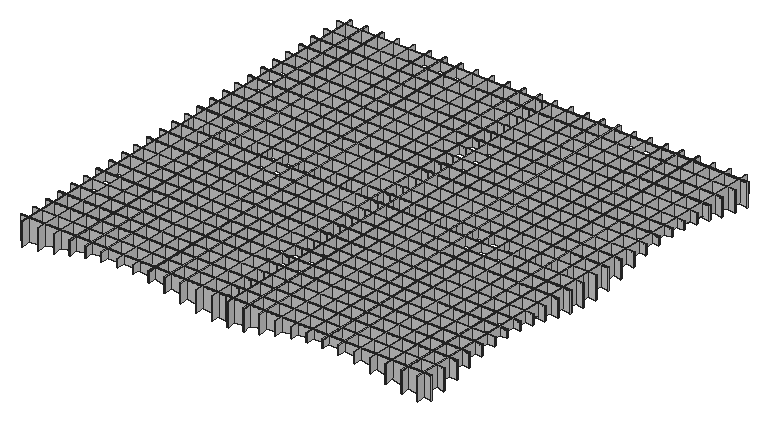
Revit family "CLD-WFL-002_RFA", category Modelos genéricos, Revit 2022 (continued)
Forms (in)
  Extrusion 394, solid
    sketch origin (108, 169.95467, 0) x (1, 0, 0) y (0, 0, 1)
      loop
        spline (62.54522, 0.49405) -> (63.20286, 0.55285) -> (63.85981, 0.61666) -> (64.51602, 0.68555) -> (65.17144, 0.75961) -> (65.82603, 0.83894) -> (66.47973, 0.92362) -> (67.1325, 1.01374) -> (67.78428, 1.10938) -> (68.43505, 1.21052) -> (69.08486, 1.31692) -> (69.73376, 1.42831) -> (70.38178, 1.54441)
        spline (70.38178, 1.54441) -> (71.11719, 1.68452) -> (71.85174, 1.82919) -> (72.58551, 1.97812) -> (73.31855, 2.13097) -> (74.05091, 2.28743) -> (74.78265, 2.44718) -> (75.51383, 2.60988) -> (76.24449, 2.77524) -> (76.97471, 2.94291) -> (77.70453, 3.11258) -> (78.43402, 3.28394) -> (79.16322, 3.45665)
        spline (79.16322, 3.45665) -> (79.81589, 3.61318) -> (80.46845, 3.77015) -> (81.12094, 3.92726) -> (81.77342, 4.08422) -> (82.42595, 4.24075) -> (83.07858, 4.39655) -> (83.73137, 4.55134) -> (84.38439, 4.70482) -> (85.03768, 4.85671) -> (85.6913, 5.00672) -> (86.34531, 5.15455) -> (86.99978, 5.29992)
        spline (86.99978, 5.29992) -> (87.72678, 5.4553) -> (88.45445, 5.60712) -> (89.18284, 5.75506) -> (89.91202, 5.8988) -> (90.64204, 6.03803) -> (91.37299, 6.17243) -> (92.1049, 6.3017) -> (92.83786, 6.42551) -> (93.57191, 6.54354) -> (94.30712, 6.6555) -> (95.04356, 6.76106) -> (95.78122, 6.8601)
        spline (95.78122, 6.8601) -> (96.43065, 6.93786) -> (97.08095, 7.01021) -> (97.73207, 7.07724) -> (98.38393, 7.13903) -> (99.03648, 7.19567) -> (99.68963, 7.24723) -> (100.34334, 7.29382) -> (100.99753, 7.33551) -> (101.65213, 7.37238) -> (102.30709, 7.40452) -> (102.96233, 7.43202) -> (103.61778, 7.45496)
        spline (103.61778, 7.45496) -> (103.98301, 7.46494) -> (104.34826, 7.47372) -> (104.71353, 7.4813) -> (105.0788, 7.48768) -> (105.44406, 7.4929) -> (105.80931, 7.49695) -> (106.17454, 7.49984) -> (106.53973, 7.5016) -> (106.90488, 7.50223) -> (107.26998, 7.50173) -> (107.63503, 7.50014) -> (108, 7.49745)
        line (108, 7.49745) -> (108, 11.82144)
    from -0.11811 to 0
  Extrusion 395, solid
    sketch origin (108, 170.07278, 0) x (1, 0, 0) y (0, 0, 1)
      loop
        line (108, 11.82144) -> (0, 11.82144) -> (0, 7.49745)
        spline (0, 7.49745) -> (0.32561, 7.50061) -> (0.65129, 7.5028) -> (0.97702, 7.504) -> (1.3028, 7.50421) -> (1.62862, 7.5034) -> (1.95447, 7.50158) -> (2.28035, 7.49874) -> (2.60624, 7.49485) -> (2.93213, 7.48991) -> (3.25803, 7.48392) -> (3.58391, 7.47685) -> (3.90978, 7.46871)
        spline (3.90978, 7.46871) -> (4.64427, 7.44283) -> (5.37852, 7.41184) -> (6.11245, 7.37564) -> (6.84598, 7.33415) -> (7.57905, 7.28726) -> (8.31158, 7.23488) -> (9.04349, 7.17692) -> (9.77471, 7.11327) -> (10.50517, 7.04386) -> (11.23479, 6.96857) -> (11.9635, 6.88732) -> (12.69122, 6.80001)
        spline (12.69122, 6.80001) -> (13.34456, 6.71191) -> (13.99682, 6.61804) -> (14.64799, 6.5185) -> (15.29813, 6.41358) -> (15.94729, 6.30354) -> (16.59553, 6.18867) -> (17.2429, 6.06925) -> (17.88946, 5.94556) -> (18.53527, 5.81787) -> (19.18038, 5.68647) -> (19.82484, 5.55162) -> (20.46871, 5.41362)
        spline (20.46871, 5.41362) -> (21.20701, 5.25043) -> (21.94481, 5.08446) -> (22.68216, 4.91603) -> (23.41914, 4.74548) -> (24.15581, 4.57314) -> (24.89224, 4.39932) -> (25.62848, 4.22436) -> (26.36461, 4.04857) -> (27.10068, 3.8723) -> (27.83677, 3.69586) -> (28.57293, 3.51959) -> (29.30922, 3.3438)
        spline (29.30922, 3.3438) -> (29.95995, 3.18922) -> (30.61094, 3.03586) -> (31.26223, 2.884) -> (31.91387, 2.73392) -> (32.56591, 2.58591) -> (33.21841, 2.44027) -> (33.87141, 2.29726) -> (34.52497, 2.15719) -> (35.17914, 2.02034) -> (35.83396, 1.88699) -> (36.48949, 1.75744) -> (37.14578, 1.63196)
        spline (37.14578, 1.63196) -> (37.87194, 1.50186) -> (38.59907, 1.37703) -> (39.32723, 1.25779) -> (40.05647, 1.14445) -> (40.78684, 1.03728) -> (41.51831, 0.93629) -> (42.25083, 0.84139) -> (42.98434, 0.75249) -> (43.71879, 0.66948) -> (44.45413, 0.59228) -> (45.19029, 0.52078) -> (45.92722, 0.45488)
        spline (45.92722, 0.45488) -> (46.57816, 0.40504) -> (47.22964, 0.35985) -> (47.88162, 0.31924) -> (48.53404, 0.28312) -> (49.18687, 0.2514) -> (49.84004, 0.224) -> (50.49352, 0.20084) -> (51.14725, 0.18183) -> (51.80119, 0.1669) -> (52.45529, 0.15595) -> (53.1095, 0.14891) -> (53.76378, 0.14568)
        spline (53.76378, 0.14568) -> (54.49695, 0.14945) -> (55.23005, 0.1575) -> (55.96302, 0.16993) -> (56.69581, 0.18682) -> (57.42837, 0.20828) -> (58.16064, 0.23439) -> (58.89257, 0.26525) -> (59.6241, 0.30095) -> (60.35518, 0.34158) -> (61.08577, 0.38725) -> (61.8158, 0.43804) -> (62.54522, 0.49405)
        spline (62.54522, 0.49405) -> (63.20286, 0.55285) -> (63.85981, 0.61666) -> (64.51602, 0.68555) -> (65.17144, 0.75961) -> (65.82603, 0.83894) -> (66.47973, 0.92362) -> (67.1325, 1.01374) -> (67.78428, 1.10938) -> (68.43505, 1.21052) -> (69.08486, 1.31692) -> (69.73376, 1.42831) -> (70.38178, 1.54441)
        spline (70.38178, 1.54441) -> (71.11719, 1.68452) -> (71.85174, 1.82919) -> (72.58551, 1.97812) -> (73.31855, 2.13097) -> (74.05091, 2.28743) -> (74.78265, 2.44718) -> (75.51383, 2.60988) -> (76.24449, 2.77524) -> (76.97471, 2.94291) -> (77.70453, 3.11258) -> (78.43402, 3.28394) -> (79.16322, 3.45665)
        spline (79.16322, 3.45665) -> (79.81589, 3.61318) -> (80.46845, 3.77015) -> (81.12094, 3.92726) -> (81.77342, 4.08422) -> (82.42595, 4.24075) -> (83.07858, 4.39655) -> (83.73137, 4.55134) -> (84.38439, 4.70482) -> (85.03768, 4.85671) -> (85.6913, 5.00672) -> (86.34531, 5.15455) -> (86.99978, 5.29992)
        spline (86.99978, 5.29992) -> (87.72678, 5.4553) -> (88.45445, 5.60712) -> (89.18284, 5.75506) -> (89.91202, 5.8988) -> (90.64204, 6.03803) -> (91.37299, 6.17243) -> (92.1049, 6.3017) -> (92.83786, 6.42551) -> (93.57191, 6.54354) -> (94.30712, 6.6555) -> (95.04356, 6.76106) -> (95.78122, 6.8601)
        spline (95.78122, 6.8601) -> (96.43065, 6.93786) -> (97.08095, 7.01021) -> (97.73207, 7.07724) -> (98.38393, 7.13903) -> (99.03648, 7.19567) -> (99.68963, 7.24723) -> (100.34334, 7.29382) -> (100.99753, 7.33551) -> (101.65213, 7.37238) -> (102.30709, 7.40452) -> (102.96233, 7.43202) -> (103.61778, 7.45496)
        spline (103.61778, 7.45496) -> (103.98301, 7.46494) -> (104.34826, 7.47372) -> (104.71353, 7.4813) -> (105.0788, 7.48768) -> (105.44406, 7.4929) -> (105.80931, 7.49695) -> (106.17454, 7.49984) -> (106.53973, 7.5016) -> (106.90488, 7.50223) -> (107.26998, 7.50173) -> (107.63503, 7.50014) -> (108, 7.49745)
        line (108, 7.49745) -> (108, 11.82144)
    from -0.47244 to 0
  Extrusion 396, solid
    sketch origin (108, 170.54522, 0) x (1, 0, 0) y (0, 0, 1)
      loop
        line (108, 11.82144) -> (0, 11.82144) -> (0, 7.49745)
        spline (0, 7.49745) -> (0.32561, 7.50061) -> (0.65129, 7.5028) -> (0.97702, 7.504) -> (1.3028, 7.50421) -> (1.62862, 7.5034) -> (1.95447, 7.50158) -> (2.28035, 7.49874) -> (2.60624, 7.49485) -> (2.93213, 7.48991) -> (3.25803, 7.48392) -> (3.58391, 7.47685) -> (3.90978, 7.46871)
        spline (3.90978, 7.46871) -> (4.64427, 7.44283) -> (5.37852, 7.41184) -> (6.11245, 7.37564) -> (6.84598, 7.33415) -> (7.57905, 7.28726) -> (8.31158, 7.23488) -> (9.04349, 7.17692) -> (9.77471, 7.11327) -> (10.50517, 7.04386) -> (11.23479, 6.96857) -> (11.9635, 6.88732) -> (12.69122, 6.80001)
        spline (12.69122, 6.80001) -> (13.34456, 6.71191) -> (13.99682, 6.61804) -> (14.64799, 6.5185) -> (15.29813, 6.41358) -> (15.94729, 6.30354) -> (16.59553, 6.18867) -> (17.2429, 6.06925) -> (17.88946, 5.94556) -> (18.53527, 5.81787) -> (19.18038, 5.68647) -> (19.82484, 5.55162) -> (20.46871, 5.41362)
        spline (20.46871, 5.41362) -> (21.20701, 5.25043) -> (21.94481, 5.08446) -> (22.68216, 4.91603) -> (23.41914, 4.74548) -> (24.15581, 4.57314) -> (24.89224, 4.39932) -> (25.62848, 4.22436) -> (26.36461, 4.04857) -> (27.10068, 3.8723) -> (27.83677, 3.69586) -> (28.57293, 3.51959) -> (29.30922, 3.3438)
        spline (29.30922, 3.3438) -> (29.95995, 3.18922) -> (30.61094, 3.03586) -> (31.26223, 2.884) -> (31.91387, 2.73392) -> (32.56591, 2.58591) -> (33.21841, 2.44027) -> (33.87141, 2.29726) -> (34.52497, 2.15719) -> (35.17914, 2.02034) -> (35.83396, 1.88699) -> (36.48949, 1.75744) -> (37.14578, 1.63196)
        spline (37.14578, 1.63196) -> (37.87194, 1.50186) -> (38.59907, 1.37703) -> (39.32723, 1.25779) -> (40.05647, 1.14445) -> (40.78684, 1.03728) -> (41.51831, 0.93629) -> (42.25083, 0.84139) -> (42.98434, 0.75249) -> (43.71879, 0.66948) -> (44.45413, 0.59228) -> (45.19029, 0.52078) -> (45.92722, 0.45488)
        spline (45.92722, 0.45488) -> (46.57816, 0.40504) -> (47.22964, 0.35985) -> (47.88162, 0.31924) -> (48.53404, 0.28312) -> (49.18687, 0.2514) -> (49.84004, 0.224) -> (50.49352, 0.20084) -> (51.14725, 0.18183) -> (51.80119, 0.1669) -> (52.45529, 0.15595) -> (53.1095, 0.14891) -> (53.76378, 0.14568)
        spline (53.76378, 0.14568) -> (54.49695, 0.14945) -> (55.23005, 0.1575) -> (55.96302, 0.16993) -> (56.69581, 0.18682) -> (57.42837, 0.20828) -> (58.16064, 0.23439) -> (58.89257, 0.26525) -> (59.6241, 0.30095) -> (60.35518, 0.34158) -> (61.08577, 0.38725) -> (61.8158, 0.43804) -> (62.54522, 0.49405)
        spline (62.54522, 0.49405) -> (63.20286, 0.55285) -> (63.85981, 0.61666) -> (64.51602, 0.68555) -> (65.17144, 0.75961) -> (65.82603, 0.83894) -> (66.47973, 0.92362) -> (67.1325, 1.01374) -> (67.78428, 1.10938) -> (68.43505, 1.21052) -> (69.08486, 1.31692) -> (69.73376, 1.42831) -> (70.38178, 1.54441)
        spline (70.38178, 1.54441) -> (71.11719, 1.68452) -> (71.85174, 1.82919) -> (72.58551, 1.97812) -> (73.31855, 2.13097) -> (74.05091, 2.28743) -> (74.78265, 2.44718) -> (75.51383, 2.60988) -> (76.24449, 2.77524) -> (76.97471, 2.94291) -> (77.70453, 3.11258) -> (78.43402, 3.28394) -> (79.16322, 3.45665)
        spline (79.16322, 3.45665) -> (79.81589, 3.61318) -> (80.46845, 3.77015) -> (81.12094, 3.92726) -> (81.77342, 4.08422) -> (82.42595, 4.24075) -> (83.07858, 4.39655) -> (83.73137, 4.55134) -> (84.38439, 4.70482) -> (85.03768, 4.85671) -> (85.6913, 5.00672) -> (86.34531, 5.15455) -> (86.99978, 5.29992)
        spline (86.99978, 5.29992) -> (87.72678, 5.4553) -> (88.45445, 5.60712) -> (89.18284, 5.75506) -> (89.91202, 5.8988) -> (90.64204, 6.03803) -> (91.37299, 6.17243) -> (92.1049, 6.3017) -> (92.83786, 6.42551) -> (93.57191, 6.54354) -> (94.30712, 6.6555) -> (95.04356, 6.76106) -> (95.78122, 6.8601)
        spline (95.78122, 6.8601) -> (96.43065, 6.93786) -> (97.08095, 7.01021) -> (97.73207, 7.07724) -> (98.38393, 7.13903) -> (99.03648, 7.19567) -> (99.68963, 7.24723) -> (100.34334, 7.29382) -> (100.99753, 7.33551) -> (101.65213, 7.37238) -> (102.30709, 7.40452) -> (102.96233, 7.43202) -> (103.61778, 7.45496)
        spline (103.61778, 7.45496) -> (103.98301, 7.46494) -> (104.34826, 7.47372) -> (104.71353, 7.4813) -> (105.0788, 7.48768) -> (105.44406, 7.4929) -> (105.80931, 7.49695) -> (106.17454, 7.49984) -> (106.53973, 7.5016) -> (106.90488, 7.50223) -> (107.26998, 7.50173) -> (107.63503, 7.50014) -> (108, 7.49745)
        line (108, 7.49745) -> (108, 11.82144)
    from -0.11811 to 0
  Extrusion 397, solid
    sketch origin (108, 178.26367, 0) x (1, 0, 0) y (0, 0, 1)
      loop
        line (108, 11.82144) -> (0, 11.82144) -> (0, 6.40455)
        spline (0, 6.40455) -> (0.32561, 6.42139) -> (0.65129, 6.43729) -> (0.97702, 6.45226) -> (1.3028, 6.46628) -> (1.62862, 6.47935) -> (1.95447, 6.49146) -> (2.28035, 6.50259) -> (2.60624, 6.51274) -> (2.93213, 6.52189) -> (3.25803, 6.53005) -> (3.58391, 6.5372) -> (3.90978, 6.54334)
        spline (3.90978, 6.54334) -> (4.64427, 6.55011) -> (5.37852, 6.55208) -> (6.11244, 6.54917) -> (6.84598, 6.5413) -> (7.57905, 6.52839) -> (8.31157, 6.51035) -> (9.04349, 6.4871) -> (9.77471, 6.45856) -> (10.50517, 6.42465) -> (11.23479, 6.38528) -> (11.9635, 6.34038) -> (12.69122, 6.28985)
        spline (12.69122, 6.28985) -> (13.34952, 6.23514) -> (14.00673, 6.17505) -> (14.66285, 6.10968) -> (15.31792, 6.03926) -> (15.97202, 5.96405) -> (16.62518, 5.88427) -> (17.27747, 5.80017) -> (17.92894, 5.712) -> (18.57965, 5.62) -> (19.22966, 5.52441) -> (19.87902, 5.42547) -> (20.52778, 5.32343)
        spline (20.52778, 5.32343) -> (21.26115, 5.20293) -> (21.99402, 5.07965) -> (22.72645, 4.95385) -> (23.4585, 4.82583) -> (24.19025, 4.69586) -> (24.92176, 4.56423) -> (25.65308, 4.43121) -> (26.38429, 4.29709) -> (27.11544, 4.16214) -> (27.84661, 4.02665) -> (28.57785, 3.8909) -> (29.30922, 3.75516)
        spline (29.30922, 3.75516) -> (29.95995, 3.63466) -> (30.61094, 3.51485) -> (31.26223, 3.39599) -> (31.91387, 3.2783) -> (32.56591, 3.16206) -> (33.21841, 3.04749) -> (33.87141, 2.93486) -> (34.52497, 2.8244) -> (35.17914, 2.71637) -> (35.83396, 2.61101) -> (36.48949, 2.50857) -> (37.14578, 2.4093)
        spline (37.14578, 2.4093) -> (37.87194, 2.30632) -> (38.59907, 2.20751) -> (39.32723, 2.11315) -> (40.05647, 2.02349) -> (40.78684, 1.93878) -> (41.51831, 1.85902) -> (42.25083, 1.78415) -> (42.98434, 1.71406) -> (43.71879, 1.64869) -> (44.45413, 1.58794) -> (45.19029, 1.53174) -> (45.92722, 1.47999)
        spline (45.92722, 1.47999) -> (46.57816, 1.44092) -> (47.22964, 1.40553) -> (47.88162, 1.37376) -> (48.53404, 1.34552) -> (49.18687, 1.32076) -> (49.84004, 1.2994) -> (50.49352, 1.28136) -> (51.14725, 1.26658) -> (51.80119, 1.25497) -> (52.45529, 1.24648) -> (53.1095, 1.24101) -> (53.76378, 1.23852)
        spline (53.76378, 1.23852) -> (54.49695, 1.24145) -> (55.23005, 1.2477) -> (55.96302, 1.25736) -> (56.69581, 1.2705) -> (57.42836, 1.2872) -> (58.16063, 1.30755) -> (58.89256, 1.33163) -> (59.62409, 1.35951) -> (60.35518, 1.39128) -> (61.08577, 1.42702) -> (61.8158, 1.46681) -> (62.54522, 1.51073)
        spline (62.54522, 1.51073) -> (63.20286, 1.5569) -> (63.85981, 1.60706) -> (64.51602, 1.66127) -> (65.17144, 1.7196) -> (65.82603, 1.78214) -> (66.47973, 1.84896) -> (67.1325, 1.92013) -> (67.78428, 1.99572) -> (68.43505, 2.07573) -> (69.08486, 2.15994) -> (69.73376, 2.24811) -> (70.38178, 2.34001)
        spline (70.38178, 2.34001) -> (71.11719, 2.45082) -> (71.85175, 2.56518) -> (72.58552, 2.6828) -> (73.31856, 2.80343) -> (74.05092, 2.92677) -> (74.78266, 3.05256) -> (75.51384, 3.1805) -> (76.2445, 3.31033) -> (76.97472, 3.44177) -> (77.70454, 3.57454) -> (78.43402, 3.70836) -> (79.16322, 3.84296)
        spline (79.16322, 3.84296) -> (79.81589, 3.96449) -> (80.46845, 4.08604) -> (81.12094, 4.20735) -> (81.77342, 4.32817) -> (82.42595, 4.44826) -> (83.07858, 4.56736) -> (83.73137, 4.68523) -> (84.38439, 4.80161) -> (85.03768, 4.91625) -> (85.6913, 5.02891) -> (86.34531, 5.13933) -> (86.99978, 5.24726)
        spline (86.99978, 5.24726) -> (87.72678, 5.36123) -> (88.45444, 5.47173) -> (89.18283, 5.57848) -> (89.91201, 5.68121) -> (90.64203, 5.77964) -> (91.37298, 5.87351) -> (92.10489, 5.96254) -> (92.83785, 6.04646) -> (93.5719, 6.125) -> (94.30712, 6.19789) -> (95.04356, 6.26486) -> (95.78122, 6.32579)
        spline (95.78122, 6.32579) -> (96.46987, 6.37175) -> (97.15943, 6.41238) -> (97.84985, 6.44778) -> (98.54104, 6.47801) -> (99.23294, 6.50316) -> (99.92548, 6.5233) -> (100.61859, 6.53851) -> (101.3122, 6.54886) -> (102.00624, 6.55445) -> (102.70063, 6.55534) -> (103.39532, 6.55161) -> (104.09022, 6.54334)
        spline (104.09022, 6.54334) -> (104.41609, 6.5372) -> (104.74197, 6.53005) -> (105.06787, 6.52189) -> (105.39376, 6.51274) -> (105.71965, 6.50259) -> (106.04553, 6.49146) -> (106.37138, 6.47935) -> (106.6972, 6.46628) -> (107.02298, 6.45226) -> (107.34871, 6.43729) -> (107.67439, 6.42139) -> (108, 6.40455)
        line (108, 6.40455) -> (108, 11.82144)
    from -0.11811 to 0
  Extrusion 398, solid
    sketch origin (108, 178.38178, 0) x (1, 0, 0) y (0, 0, 1)
      loop
        line (108, 11.82144) -> (0, 11.82144) -> (0, 6.40455)
        spline (0, 6.40455) -> (0.32561, 6.42139) -> (0.65129, 6.43729) -> (0.97702, 6.45226) -> (1.3028, 6.46628) -> (1.62862, 6.47935) -> (1.95447, 6.49146) -> (2.28035, 6.50259) -> (2.60624, 6.51274) -> (2.93213, 6.52189) -> (3.25803, 6.53005) -> (3.58391, 6.5372) -> (3.90978, 6.54334)
        spline (3.90978, 6.54334) -> (4.64427, 6.55011) -> (5.37852, 6.55208) -> (6.11244, 6.54917) -> (6.84598, 6.5413) -> (7.57905, 6.52839) -> (8.31157, 6.51035) -> (9.04349, 6.4871) -> (9.77471, 6.45856) -> (10.50517, 6.42465) -> (11.23479, 6.38528) -> (11.9635, 6.34038) -> (12.69122, 6.28985)
        spline (12.69122, 6.28985) -> (13.34952, 6.23514) -> (14.00673, 6.17505) -> (14.66285, 6.10968) -> (15.31792, 6.03926) -> (15.97202, 5.96405) -> (16.62518, 5.88427) -> (17.27747, 5.80017) -> (17.92894, 5.712) -> (18.57965, 5.62) -> (19.22966, 5.52441) -> (19.87902, 5.42547) -> (20.52778, 5.32343)
        spline (20.52778, 5.32343) -> (21.26115, 5.20293) -> (21.99402, 5.07965) -> (22.72645, 4.95385) -> (23.4585, 4.82583) -> (24.19025, 4.69586) -> (24.92176, 4.56423) -> (25.65308, 4.43121) -> (26.38429, 4.29709) -> (27.11544, 4.16214) -> (27.84661, 4.02665) -> (28.57785, 3.8909) -> (29.30922, 3.75516)
        spline (29.30922, 3.75516) -> (29.95995, 3.63466) -> (30.61094, 3.51485) -> (31.26223, 3.39599) -> (31.91387, 3.2783) -> (32.56591, 3.16206) -> (33.21841, 3.04749) -> (33.87141, 2.93486) -> (34.52497, 2.8244) -> (35.17914, 2.71637) -> (35.83396, 2.61101) -> (36.48949, 2.50857) -> (37.14578, 2.4093)
        spline (37.14578, 2.4093) -> (37.87194, 2.30632) -> (38.59907, 2.20751) -> (39.32723, 2.11315) -> (40.05647, 2.02349) -> (40.78684, 1.93878) -> (41.51831, 1.85902) -> (42.25083, 1.78415) -> (42.98434, 1.71406) -> (43.71879, 1.64869) -> (44.45413, 1.58794) -> (45.19029, 1.53174) -> (45.92722, 1.47999)
        spline (45.92722, 1.47999) -> (46.57816, 1.44092) -> (47.22964, 1.40553) -> (47.88162, 1.37376) -> (48.53404, 1.34552) -> (49.18687, 1.32076) -> (49.84004, 1.2994) -> (50.49352, 1.28136) -> (51.14725, 1.26658) -> (51.80119, 1.25497) -> (52.45529, 1.24648) -> (53.1095, 1.24101) -> (53.76378, 1.23852)
        spline (53.76378, 1.23852) -> (54.49695, 1.24145) -> (55.23005, 1.2477) -> (55.96302, 1.25736) -> (56.69581, 1.2705) -> (57.42836, 1.2872) -> (58.16063, 1.30755) -> (58.89256, 1.33163) -> (59.62409, 1.35951) -> (60.35518, 1.39128) -> (61.08577, 1.42702) -> (61.8158, 1.46681) -> (62.54522, 1.51073)
        spline (62.54522, 1.51073) -> (63.20286, 1.5569) -> (63.85981, 1.60706) -> (64.51602, 1.66127) -> (65.17144, 1.7196) -> (65.82603, 1.78214) -> (66.47973, 1.84896) -> (67.1325, 1.92013) -> (67.78428, 1.99572) -> (68.43505, 2.07573) -> (69.08486, 2.15994) -> (69.73376, 2.24811) -> (70.38178, 2.34001)
        spline (70.38178, 2.34001) -> (71.11719, 2.45082) -> (71.85175, 2.56518) -> (72.58552, 2.6828) -> (73.31856, 2.80343) -> (74.05092, 2.92677) -> (74.78266, 3.05256) -> (75.51384, 3.1805) -> (76.2445, 3.31033) -> (76.97472, 3.44177) -> (77.70454, 3.57454) -> (78.43402, 3.70836) -> (79.16322, 3.84296)
        spline (79.16322, 3.84296) -> (79.81589, 3.96449) -> (80.46845, 4.08604) -> (81.12094, 4.20735) -> (81.77342, 4.32817) -> (82.42595, 4.44826) -> (83.07858, 4.56736) -> (83.73137, 4.68523) -> (84.38439, 4.80161) -> (85.03768, 4.91625) -> (85.6913, 5.02891) -> (86.34531, 5.13933) -> (86.99978, 5.24726)
        spline (86.99978, 5.24726) -> (87.72678, 5.36123) -> (88.45444, 5.47173) -> (89.18283, 5.57848) -> (89.91201, 5.68121) -> (90.64203, 5.77964) -> (91.37298, 5.87351) -> (92.10489, 5.96254) -> (92.83785, 6.04646) -> (93.5719, 6.125) -> (94.30712, 6.19789) -> (95.04356, 6.26486) -> (95.78122, 6.32579)
        spline (95.78122, 6.32579) -> (96.46987, 6.37175) -> (97.15943, 6.41238) -> (97.84985, 6.44778) -> (98.54104, 6.47801) -> (99.23294, 6.50316) -> (99.92548, 6.5233) -> (100.61859, 6.53851) -> (101.3122, 6.54886) -> (102.00624, 6.55445) -> (102.70063, 6.55534) -> (103.39532, 6.55161) -> (104.09022, 6.54334)
        spline (104.09022, 6.54334) -> (104.41609, 6.5372) -> (104.74197, 6.53005) -> (105.06787, 6.52189) -> (105.39376, 6.51274) -> (105.71965, 6.50259) -> (106.04553, 6.49146) -> (106.37138, 6.47935) -> (106.6972, 6.46628) -> (107.02298, 6.45226) -> (107.34871, 6.43729) -> (107.67439, 6.42139) -> (108, 6.40455)
        line (108, 6.40455) -> (108, 11.82144)
    from -0.47244 to 0
  Extrusion 399, solid
    sketch origin (108, 178.85422, 0) x (1, 0, 0) y (0, 0, 1)
      loop
        line (108, 11.82144) -> (0, 11.82144) -> (0, 6.40455)
        spline (0, 6.40455) -> (0.32561, 6.42139) -> (0.65129, 6.43729) -> (0.97702, 6.45226) -> (1.3028, 6.46628) -> (1.62862, 6.47935) -> (1.95447, 6.49146) -> (2.28035, 6.50259) -> (2.60624, 6.51274) -> (2.93213, 6.52189) -> (3.25803, 6.53005) -> (3.58391, 6.5372) -> (3.90978, 6.54334)
        spline (3.90978, 6.54334) -> (4.64427, 6.55011) -> (5.37852, 6.55208) -> (6.11244, 6.54917) -> (6.84598, 6.5413) -> (7.57905, 6.52839) -> (8.31157, 6.51035) -> (9.04349, 6.4871) -> (9.77471, 6.45856) -> (10.50517, 6.42465) -> (11.23479, 6.38528) -> (11.9635, 6.34038) -> (12.69122, 6.28985)
        spline (12.69122, 6.28985) -> (13.34952, 6.23514) -> (14.00673, 6.17505) -> (14.66285, 6.10968) -> (15.31792, 6.03926) -> (15.97202, 5.96405) -> (16.62518, 5.88427) -> (17.27747, 5.80017) -> (17.92894, 5.712) -> (18.57965, 5.62) -> (19.22966, 5.52441) -> (19.87902, 5.42547) -> (20.52778, 5.32343)
        spline (20.52778, 5.32343) -> (21.26115, 5.20293) -> (21.99402, 5.07965) -> (22.72645, 4.95385) -> (23.4585, 4.82583) -> (24.19025, 4.69586) -> (24.92176, 4.56423) -> (25.65308, 4.43121) -> (26.38429, 4.29709) -> (27.11544, 4.16214) -> (27.84661, 4.02665) -> (28.57785, 3.8909) -> (29.30922, 3.75516)
        spline (29.30922, 3.75516) -> (29.95995, 3.63466) -> (30.61094, 3.51485) -> (31.26223, 3.39599) -> (31.91387, 3.2783) -> (32.56591, 3.16206) -> (33.21841, 3.04749) -> (33.87141, 2.93486) -> (34.52497, 2.8244) -> (35.17914, 2.71637) -> (35.83396, 2.61101) -> (36.48949, 2.50857) -> (37.14578, 2.4093)
        spline (37.14578, 2.4093) -> (37.87194, 2.30632) -> (38.59907, 2.20751) -> (39.32723, 2.11315) -> (40.05647, 2.02349) -> (40.78684, 1.93878) -> (41.51831, 1.85902) -> (42.25083, 1.78415) -> (42.98434, 1.71406) -> (43.71879, 1.64869) -> (44.45413, 1.58794) -> (45.19029, 1.53174) -> (45.92722, 1.47999)
        spline (45.92722, 1.47999) -> (46.57816, 1.44092) -> (47.22964, 1.40553) -> (47.88162, 1.37376) -> (48.53404, 1.34552) -> (49.18687, 1.32076) -> (49.84004, 1.2994) -> (50.49352, 1.28136) -> (51.14725, 1.26658) -> (51.80119, 1.25497) -> (52.45529, 1.24648) -> (53.1095, 1.24101) -> (53.76378, 1.23852)
        spline (53.76378, 1.23852) -> (54.49695, 1.24145) -> (55.23005, 1.2477) -> (55.96302, 1.25736) -> (56.69581, 1.2705) -> (57.42836, 1.2872) -> (58.16063, 1.30755) -> (58.89256, 1.33163) -> (59.62409, 1.35951) -> (60.35518, 1.39128) -> (61.08577, 1.42702) -> (61.8158, 1.46681) -> (62.54522, 1.51073)
        spline (62.54522, 1.51073) -> (63.20286, 1.5569) -> (63.85981, 1.60706) -> (64.51602, 1.66127) -> (65.17144, 1.7196) -> (65.82603, 1.78214) -> (66.47973, 1.84896) -> (67.1325, 1.92013) -> (67.78428, 1.99572) -> (68.43505, 2.07573) -> (69.08486, 2.15994) -> (69.73376, 2.24811) -> (70.38178, 2.34001)
        spline (70.38178, 2.34001) -> (71.11719, 2.45082) -> (71.85175, 2.56518) -> (72.58552, 2.6828) -> (73.31856, 2.80343) -> (74.05092, 2.92677) -> (74.78266, 3.05256) -> (75.51384, 3.1805) -> (76.2445, 3.31033) -> (76.97472, 3.44177) -> (77.70454, 3.57454) -> (78.43402, 3.70836) -> (79.16322, 3.84296)
        spline (79.16322, 3.84296) -> (79.81589, 3.96449) -> (80.46845, 4.08604) -> (81.12094, 4.20735) -> (81.77342, 4.32817) -> (82.42595, 4.44826) -> (83.07858, 4.56736) -> (83.73137, 4.68523) -> (84.38439, 4.80161) -> (85.03768, 4.91625) -> (85.6913, 5.02891) -> (86.34531, 5.13933) -> (86.99978, 5.24726)
        spline (86.99978, 5.24726) -> (87.72678, 5.36123) -> (88.45444, 5.47173) -> (89.18283, 5.57848) -> (89.91201, 5.68121) -> (90.64203, 5.77964) -> (91.37298, 5.87351) -> (92.10489, 5.96254) -> (92.83785, 6.04646) -> (93.5719, 6.125) -> (94.30712, 6.19789) -> (95.04356, 6.26486) -> (95.78122, 6.32579)
        spline (95.78122, 6.32579) -> (96.46987, 6.37175) -> (97.15943, 6.41238) -> (97.84985, 6.44778) -> (98.54104, 6.47801) -> (99.23294, 6.50316) -> (99.92548, 6.5233) -> (100.61859, 6.53851) -> (101.3122, 6.54886) -> (102.00624, 6.55445) -> (102.70063, 6.55534) -> (103.39532, 6.55161) -> (104.09022, 6.54334)
        spline (104.09022, 6.54334) -> (104.41609, 6.5372) -> (104.74197, 6.53005) -> (105.06787, 6.52189) -> (105.39376, 6.51274) -> (105.71965, 6.50259) -> (106.04553, 6.49146) -> (106.37138, 6.47935) -> (106.6972, 6.46628) -> (107.02298, 6.45226) -> (107.34871, 6.43729) -> (107.67439, 6.42139) -> (108, 6.40455)
        line (108, 6.40455) -> (108, 11.82144)
    from -0.11811 to 0
  Extrusion 400, solid
    sketch origin (108, 186.57267, 0) x (1, 0, 0) y (0, 0, 1)
      loop
        line (108, 11.82144) -> (0, 11.82144) -> (0, 4.58891)
        spline (0, 4.58891) -> (0.32561, 4.62796) -> (0.65129, 4.66617) -> (0.97702, 4.70353) -> (1.3028, 4.74004) -> (1.62862, 4.77569) -> (1.95447, 4.81048) -> (2.28035, 4.84439) -> (2.60624, 4.87743) -> (2.93213, 4.90957) -> (3.25803, 4.94083) -> (3.58391, 4.97119) -> (3.90978, 5.00064)
        spline (3.90978, 5.00064) -> (4.64427, 5.06081) -> (5.37851, 5.11675) -> (6.11244, 5.16838) -> (6.84597, 5.21566) -> (7.57904, 5.25851) -> (8.31157, 5.29688) -> (9.04348, 5.33072) -> (9.7747, 5.35995) -> (10.50516, 5.38452) -> (11.23478, 5.40437) -> (11.96349, 5.41944) -> (12.69122, 5.42966)
        spline (12.69122, 5.42966) -> (13.34952, 5.43128) -> (14.00673, 5.42829) -> (14.66285, 5.42076) -> (15.31792, 5.40886) -> (15.97202, 5.39278) -> (16.62518, 5.37269) -> (17.27747, 5.34877) -> (17.92894, 5.32119) -> (18.57965, 5.29014) -> (19.22966, 5.2558) -> (19.87902, 5.21833) -> (20.52778, 5.17793)
        spline (20.52778, 5.17793) -> (21.26115, 5.12722) -> (21.99402, 5.0737) -> (22.72645, 5.01759) -> (23.45851, 4.95908) -> (24.19025, 4.89838) -> (24.92176, 4.8357) -> (25.65308, 4.77124) -> (26.38429, 4.70521) -> (27.11544, 4.63782) -> (27.84661, 4.56926) -> (28.57785, 4.49975) -> (29.30922, 4.42949)
        spline (29.30922, 4.42949) -> (29.95995, 4.366) -> (30.61094, 4.30234) -> (31.26223, 4.2387) -> (31.91387, 4.17525) -> (32.56591, 4.11218) -> (33.21841, 4.04966) -> (33.87141, 3.98789) -> (34.52497, 3.92703) -> (35.17914, 3.86728) -> (35.83396, 3.80881) -> (36.48949, 3.75181) -> (37.14578, 3.69645)
        spline (37.14578, 3.69645) -> (37.87194, 3.63892) -> (38.59907, 3.58371) -> (39.32723, 3.53102) -> (40.05647, 3.48105) -> (40.78684, 3.43397) -> (41.51831, 3.38979) -> (42.25083, 3.34845) -> (42.98434, 3.30989) -> (43.7188, 3.27405) -> (44.45413, 3.24086) -> (45.19029, 3.21027) -> (45.92722, 3.18221)
        spline (45.92722, 3.18221) -> (46.57816, 3.16116) -> (47.22964, 3.14217) -> (47.88162, 3.12519) -> (48.53404, 3.11017) -> (49.18687, 3.09705) -> (49.84004, 3.08579) -> (50.49352, 3.07632) -> (51.14725, 3.06859) -> (51.80119, 3.06255) -> (52.45529, 3.05816) -> (53.1095, 3.05535) -> (53.76378, 3.05407)
        spline (53.76378, 3.05407) -> (54.49695, 3.0556) -> (55.23004, 3.05885) -> (55.96301, 3.06387) -> (56.6958, 3.07073) -> (57.42836, 3.07948) -> (58.16062, 3.09019) -> (58.89255, 3.10292) -> (59.62409, 3.11771) -> (60.35517, 3.13464) -> (61.08576, 3.15376) -> (61.81579, 3.17514) -> (62.54522, 3.19882)
        spline (62.54522, 3.19882) -> (63.20286, 3.22386) -> (63.85981, 3.25117) -> (64.51602, 3.28078) -> (65.17144, 3.31277) -> (65.82603, 3.34719) -> (66.47973, 3.38408) -> (67.1325, 3.42351) -> (67.78428, 3.46553) -> (68.43505, 3.51013) -> (69.08486, 3.55715) -> (69.73376, 3.60642) -> (70.38178, 3.65777)
        spline (70.38178, 3.65777) -> (71.1172, 3.71948) -> (71.85176, 3.78304) -> (72.58554, 3.84824) -> (73.31858, 3.91488) -> (74.05094, 3.98275) -> (74.78268, 4.05166) -> (75.51385, 4.12139) -> (76.24452, 4.19176) -> (76.97473, 4.26254) -> (77.70455, 4.33354) -> (78.43403, 4.40456) -> (79.16322, 4.47539)
        spline (79.16322, 4.47539) -> (79.80403, 4.53723) -> (80.44473, 4.59841) -> (81.08536, 4.65876) -> (81.72599, 4.7181) -> (82.36666, 4.77623) -> (83.00743, 4.83299) -> (83.64836, 4.88819) -> (84.28951, 4.94166) -> (84.93093, 4.9932) -> (85.57267, 5.04265) -> (86.21481, 5.08982) -> (86.85738, 5.13453)
        spline (86.85738, 5.13453) -> (87.59614, 5.18092) -> (88.33559, 5.22395) -> (89.07577, 5.26344) -> (89.81676, 5.29917) -> (90.55862, 5.33094) -> (91.30141, 5.35856) -> (92.04519, 5.38181) -> (92.79004, 5.4005) -> (93.53601, 5.41442) -> (94.28316, 5.42338) -> (95.03157, 5.42716) -> (95.78122, 5.4257)
        spline (95.78122, 5.4257) -> (96.43065, 5.41648) -> (97.08095, 5.40294) -> (97.73207, 5.38513) -> (98.38393, 5.36311) -> (99.03648, 5.33693) -> (99.68963, 5.30665) -> (100.34334, 5.27231) -> (100.99753, 5.23398) -> (101.65213, 5.19169) -> (102.30709, 5.14552) -> (102.96233, 5.09551) -> (103.61778, 5.04172)
        spline (103.61778, 5.04172) -> (103.98301, 5.00943) -> (104.34827, 4.97613) -> (104.71354, 4.94182) -> (105.07881, 4.90651) -> (105.44407, 4.8702) -> (105.80932, 4.83291) -> (106.17455, 4.79465) -> (106.53974, 4.75541) -> (106.90489, 4.71521) -> (107.26999, 4.67406) -> (107.63503, 4.63196) -> (108, 4.58891)
        line (108, 4.58891) -> (108, 11.82144)
    from -0.11811 to 0
  Extrusion 401, solid
    sketch origin (108, 186.69078, 0) x (1, 0, 0) y (0, 0, 1)
      loop
        line (108, 11.82144) -> (0, 11.82144) -> (0, 4.58891)
        spline (0, 4.58891) -> (0.32561, 4.62796) -> (0.65129, 4.66617) -> (0.97702, 4.70353) -> (1.3028, 4.74004) -> (1.62862, 4.77569) -> (1.95447, 4.81048) -> (2.28035, 4.84439) -> (2.60624, 4.87743) -> (2.93213, 4.90957) -> (3.25803, 4.94083) -> (3.58391, 4.97119) -> (3.90978, 5.00064)
        spline (3.90978, 5.00064) -> (4.64427, 5.06081) -> (5.37851, 5.11675) -> (6.11244, 5.16838) -> (6.84597, 5.21566) -> (7.57904, 5.25851) -> (8.31157, 5.29688) -> (9.04348, 5.33072) -> (9.7747, 5.35995) -> (10.50516, 5.38452) -> (11.23478, 5.40437) -> (11.96349, 5.41944) -> (12.69122, 5.42966)
        spline (12.69122, 5.42966) -> (13.34952, 5.43128) -> (14.00673, 5.42829) -> (14.66285, 5.42076) -> (15.31792, 5.40886) -> (15.97202, 5.39278) -> (16.62518, 5.37269) -> (17.27747, 5.34877) -> (17.92894, 5.32119) -> (18.57965, 5.29014) -> (19.22966, 5.2558) -> (19.87902, 5.21833) -> (20.52778, 5.17793)
        spline (20.52778, 5.17793) -> (21.26115, 5.12722) -> (21.99402, 5.0737) -> (22.72645, 5.01759) -> (23.45851, 4.95908) -> (24.19025, 4.89838) -> (24.92176, 4.8357) -> (25.65308, 4.77124) -> (26.38429, 4.70521) -> (27.11544, 4.63782) -> (27.84661, 4.56926) -> (28.57785, 4.49975) -> (29.30922, 4.42949)
        spline (29.30922, 4.42949) -> (29.95995, 4.366) -> (30.61094, 4.30234) -> (31.26223, 4.2387) -> (31.91387, 4.17525) -> (32.56591, 4.11218) -> (33.21841, 4.04966) -> (33.87141, 3.98789) -> (34.52497, 3.92703) -> (35.17914, 3.86728) -> (35.83396, 3.80881) -> (36.48949, 3.75181) -> (37.14578, 3.69645)
        spline (37.14578, 3.69645) -> (37.87194, 3.63892) -> (38.59907, 3.58371) -> (39.32723, 3.53102) -> (40.05647, 3.48105) -> (40.78684, 3.43397) -> (41.51831, 3.38979) -> (42.25083, 3.34845) -> (42.98434, 3.30989) -> (43.7188, 3.27405) -> (44.45413, 3.24086) -> (45.19029, 3.21027) -> (45.92722, 3.18221)
        spline (45.92722, 3.18221) -> (46.57816, 3.16116) -> (47.22964, 3.14217) -> (47.88162, 3.12519) -> (48.53404, 3.11017) -> (49.18687, 3.09705) -> (49.84004, 3.08579) -> (50.49352, 3.07632) -> (51.14725, 3.06859) -> (51.80119, 3.06255) -> (52.45529, 3.05816) -> (53.1095, 3.05535) -> (53.76378, 3.05407)
        spline (53.76378, 3.05407) -> (54.49695, 3.0556) -> (55.23004, 3.05885) -> (55.96301, 3.06387) -> (56.6958, 3.07073) -> (57.42836, 3.07948) -> (58.16062, 3.09019) -> (58.89255, 3.10292) -> (59.62409, 3.11771) -> (60.35517, 3.13464) -> (61.08576, 3.15376) -> (61.81579, 3.17514) -> (62.54522, 3.19882)
        spline (62.54522, 3.19882) -> (63.20286, 3.22386) -> (63.85981, 3.25117) -> (64.51602, 3.28078) -> (65.17144, 3.31277) -> (65.82603, 3.34719) -> (66.47973, 3.38408) -> (67.1325, 3.42351) -> (67.78428, 3.46553) -> (68.43505, 3.51013) -> (69.08486, 3.55715) -> (69.73376, 3.60642) -> (70.38178, 3.65777)
        spline (70.38178, 3.65777) -> (71.1172, 3.71948) -> (71.85176, 3.78304) -> (72.58554, 3.84824) -> (73.31858, 3.91488) -> (74.05094, 3.98275) -> (74.78268, 4.05166) -> (75.51385, 4.12139) -> (76.24452, 4.19176) -> (76.97473, 4.26254) -> (77.70455, 4.33354) -> (78.43403, 4.40456) -> (79.16322, 4.47539)
        spline (79.16322, 4.47539) -> (79.80403, 4.53723) -> (80.44473, 4.59841) -> (81.08536, 4.65876) -> (81.72599, 4.7181) -> (82.36666, 4.77623) -> (83.00743, 4.83299) -> (83.64836, 4.88819) -> (84.28951, 4.94166) -> (84.93093, 4.9932) -> (85.57267, 5.04265) -> (86.21481, 5.08982) -> (86.85738, 5.13453)
        spline (86.85738, 5.13453) -> (87.59614, 5.18092) -> (88.33559, 5.22395) -> (89.07577, 5.26344) -> (89.81676, 5.29917) -> (90.55862, 5.33094) -> (91.30141, 5.35856) -> (92.04519, 5.38181) -> (92.79004, 5.4005) -> (93.53601, 5.41442) -> (94.28316, 5.42338) -> (95.03157, 5.42716) -> (95.78122, 5.4257)
        spline (95.78122, 5.4257) -> (96.43065, 5.41648) -> (97.08095, 5.40294) -> (97.73207, 5.38513) -> (98.38393, 5.36311) -> (99.03648, 5.33693) -> (99.68963, 5.30665) -> (100.34334, 5.27231) -> (100.99753, 5.23398) -> (101.65213, 5.19169) -> (102.30709, 5.14552) -> (102.96233, 5.09551) -> (103.61778, 5.04172)
        spline (103.61778, 5.04172) -> (103.98301, 5.00943) -> (104.34827, 4.97613) -> (104.71354, 4.94182) -> (105.07881, 4.90651) -> (105.44407, 4.8702) -> (105.80932, 4.83291) -> (106.17455, 4.79465) -> (106.53974, 4.75541) -> (106.90489, 4.71521) -> (107.26999, 4.67406) -> (107.63503, 4.63196) -> (108, 4.58891)
        line (108, 4.58891) -> (108, 11.82144)
    from -0.47244 to 0
  Extrusion 402, solid
    sketch origin (108, 187.16322, 0) x (1, 0, 0) y (0, 0, 1)
      loop
        line (108, 11.82144) -> (0, 11.82144) -> (0, 4.58891)
        spline (0, 4.58891) -> (0.32561, 4.62796) -> (0.65129, 4.66617) -> (0.97702, 4.70353) -> (1.3028, 4.74004) -> (1.62862, 4.77569) -> (1.95447, 4.81048) -> (2.28035, 4.84439) -> (2.60624, 4.87743) -> (2.93213, 4.90957) -> (3.25803, 4.94083) -> (3.58391, 4.97119) -> (3.90978, 5.00064)
        spline (3.90978, 5.00064) -> (4.64427, 5.06081) -> (5.37851, 5.11675) -> (6.11244, 5.16838) -> (6.84597, 5.21566) -> (7.57904, 5.25851) -> (8.31157, 5.29688) -> (9.04348, 5.33072) -> (9.7747, 5.35995) -> (10.50516, 5.38452) -> (11.23478, 5.40437) -> (11.96349, 5.41944) -> (12.69122, 5.42966)
        spline (12.69122, 5.42966) -> (13.34952, 5.43128) -> (14.00673, 5.42829) -> (14.66285, 5.42076) -> (15.31792, 5.40886) -> (15.97202, 5.39278) -> (16.62518, 5.37269) -> (17.27747, 5.34877) -> (17.92894, 5.32119) -> (18.57965, 5.29014) -> (19.22966, 5.2558) -> (19.87902, 5.21833) -> (20.52778, 5.17793)
        spline (20.52778, 5.17793) -> (21.26115, 5.12722) -> (21.99402, 5.0737) -> (22.72645, 5.01759) -> (23.45851, 4.95908) -> (24.19025, 4.89838) -> (24.92176, 4.8357) -> (25.65308, 4.77124) -> (26.38429, 4.70521) -> (27.11544, 4.63782) -> (27.84661, 4.56926) -> (28.57785, 4.49975) -> (29.30922, 4.42949)
        spline (29.30922, 4.42949) -> (29.95995, 4.366) -> (30.61094, 4.30234) -> (31.26223, 4.2387) -> (31.91387, 4.17525) -> (32.56591, 4.11218) -> (33.21841, 4.04966) -> (33.87141, 3.98789) -> (34.52497, 3.92703) -> (35.17914, 3.86728) -> (35.83396, 3.80881) -> (36.48949, 3.75181) -> (37.14578, 3.69645)
        spline (37.14578, 3.69645) -> (37.87194, 3.63892) -> (38.59907, 3.58371) -> (39.32723, 3.53102) -> (40.05647, 3.48105) -> (40.78684, 3.43397) -> (41.51831, 3.38979) -> (42.25083, 3.34845) -> (42.98434, 3.30989) -> (43.7188, 3.27405) -> (44.45413, 3.24086) -> (45.19029, 3.21027) -> (45.92722, 3.18221)
        spline (45.92722, 3.18221) -> (46.57816, 3.16116) -> (47.22964, 3.14217) -> (47.88162, 3.12519) -> (48.53404, 3.11017) -> (49.18687, 3.09705) -> (49.84004, 3.08579) -> (50.49352, 3.07632) -> (51.14725, 3.06859) -> (51.80119, 3.06255) -> (52.45529, 3.05816) -> (53.1095, 3.05535) -> (53.76378, 3.05407)
        spline (53.76378, 3.05407) -> (54.49695, 3.0556) -> (55.23004, 3.05885) -> (55.96301, 3.06387) -> (56.6958, 3.07073) -> (57.42836, 3.07948) -> (58.16062, 3.09019) -> (58.89255, 3.10292) -> (59.62409, 3.11771) -> (60.35517, 3.13464) -> (61.08576, 3.15376) -> (61.81579, 3.17514) -> (62.54522, 3.19882)
        spline (62.54522, 3.19882) -> (63.20286, 3.22386) -> (63.85981, 3.25117) -> (64.51602, 3.28078) -> (65.17144, 3.31277) -> (65.82603, 3.34719) -> (66.47973, 3.38408) -> (67.1325, 3.42351) -> (67.78428, 3.46553) -> (68.43505, 3.51013) -> (69.08486, 3.55715) -> (69.73376, 3.60642) -> (70.38178, 3.65777)
        spline (70.38178, 3.65777) -> (71.1172, 3.71948) -> (71.85176, 3.78304) -> (72.58554, 3.84824) -> (73.31858, 3.91488) -> (74.05094, 3.98275) -> (74.78268, 4.05166) -> (75.51385, 4.12139) -> (76.24452, 4.19176) -> (76.97473, 4.26254) -> (77.70455, 4.33354) -> (78.43403, 4.40456) -> (79.16322, 4.47539)
        spline (79.16322, 4.47539) -> (79.80403, 4.53723) -> (80.44473, 4.59841) -> (81.08536, 4.65876) -> (81.72599, 4.7181) -> (82.36666, 4.77623) -> (83.00743, 4.83299) -> (83.64836, 4.88819) -> (84.28951, 4.94166) -> (84.93093, 4.9932) -> (85.57267, 5.04265) -> (86.21481, 5.08982) -> (86.85738, 5.13453)
        spline (86.85738, 5.13453) -> (87.59614, 5.18092) -> (88.33559, 5.22395) -> (89.07577, 5.26344) -> (89.81676, 5.29917) -> (90.55862, 5.33094) -> (91.30141, 5.35856) -> (92.04519, 5.38181) -> (92.79004, 5.4005) -> (93.53601, 5.41442) -> (94.28316, 5.42338) -> (95.03157, 5.42716) -> (95.78122, 5.4257)
        spline (95.78122, 5.4257) -> (96.43065, 5.41648) -> (97.08095, 5.40294) -> (97.73207, 5.38513) -> (98.38393, 5.36311) -> (99.03648, 5.33693) -> (99.68963, 5.30665) -> (100.34334, 5.27231) -> (100.99753, 5.23398) -> (101.65213, 5.19169) -> (102.30709, 5.14552) -> (102.96233, 5.09551) -> (103.61778, 5.04172)
        spline (103.61778, 5.04172) -> (103.98301, 5.00943) -> (104.34827, 4.97613) -> (104.71354, 4.94182) -> (105.07881, 4.90651) -> (105.44407, 4.8702) -> (105.80932, 4.83291) -> (106.17455, 4.79465) -> (106.53974, 4.75541) -> (106.90489, 4.71521) -> (107.26999, 4.67406) -> (107.63503, 4.63196) -> (108, 4.58891)
        line (108, 4.58891) -> (108, 11.82144)
    from -0.11811 to 0
  Extrusion 403, solid
    sketch origin (108, 194.88167, 0) x (1, 0, 0) y (0, 0, 1)
      loop
        line (108, 11.82144) -> (0, 11.82144) -> (0, 2.55729)
        spline (0, 2.55729) -> (0.32561, 2.61504) -> (0.65129, 2.67215) -> (0.97702, 2.72862) -> (1.3028, 2.78445) -> (1.62862, 2.83963) -> (1.95447, 2.89415) -> (2.28035, 2.94802) -> (2.60624, 3.00123) -> (2.93213, 3.05379) -> (3.25803, 3.10567) -> (3.58391, 3.15689) -> (3.90978, 3.20744)
        spline (3.90978, 3.20744) -> (4.64427, 3.31686) -> (5.37851, 3.42317) -> (6.11243, 3.52634) -> (6.84596, 3.62635) -> (7.57903, 3.72316) -> (8.31156, 3.81675) -> (9.04347, 3.90709) -> (9.77469, 3.99415) -> (10.50515, 4.07789) -> (11.23478, 4.1583) -> (11.96349, 4.23534) -> (12.69122, 4.30898)
        spline (12.69122, 4.30898) -> (13.34952, 4.37039) -> (14.00673, 4.4286) -> (14.66285, 4.48364) -> (15.31792, 4.53559) -> (15.97202, 4.58455) -> (16.62518, 4.63059) -> (17.27747, 4.67381) -> (17.92894, 4.71429) -> (18.57965, 4.75212) -> (19.22966, 4.78738) -> (19.87902, 4.82016) -> (20.52778, 4.85054)
        spline (20.52778, 4.85054) -> (21.26115, 4.88062) -> (21.99402, 4.90823) -> (22.72646, 4.93347) -> (23.45851, 4.95644) -> (24.19026, 4.97724) -> (24.92176, 4.99598) -> (25.65309, 5.01275) -> (26.38429, 5.02764) -> (27.11545, 5.04077) -> (27.84661, 5.05223) -> (28.57785, 5.06211) -> (29.30922, 5.07053)
        spline (29.30922, 5.07053) -> (29.95995, 5.07584) -> (30.61094, 5.08009) -> (31.26223, 5.08336) -> (31.91387, 5.08574) -> (32.56591, 5.08733) -> (33.21841, 5.0882) -> (33.87141, 5.08846) -> (34.52497, 5.08817) -> (35.17914, 5.08744) -> (35.83396, 5.08636) -> (36.48949, 5.085) -> (37.14578, 5.08346)
        spline (37.14578, 5.08346) -> (37.87194, 5.08165) -> (38.59907, 5.0799) -> (39.32723, 5.0783) -> (40.05647, 5.07696) -> (40.78684, 5.07594) -> (41.51831, 5.07527) -> (42.25083, 5.07491) -> (42.98434, 5.07483) -> (43.7188, 5.075) -> (44.45413, 5.07538) -> (45.19029, 5.07596) -> (45.92722, 5.0767)
        spline (45.92722, 5.0767) -> (46.57816, 5.07753) -> (47.22964, 5.07843) -> (47.88162, 5.07937) -> (48.53404, 5.08033) -> (49.18687, 5.08128) -> (49.84004, 5.0822) -> (50.49352, 5.08306) -> (51.14725, 5.08383) -> (51.80119, 5.0845) -> (52.45529, 5.08503) -> (53.1095, 5.0854) -> (53.76378, 5.08558)
        spline (53.76378, 5.08558) -> (54.49695, 5.08542) -> (55.23004, 5.08505) -> (55.96301, 5.0845) -> (56.6958, 5.0838) -> (57.42835, 5.08298) -> (58.16062, 5.08206) -> (58.89255, 5.08107) -> (59.62408, 5.08005) -> (60.35517, 5.07902) -> (61.08576, 5.07801) -> (61.81579, 5.07705) -> (62.54522, 5.07616)
        spline (62.54522, 5.07616) -> (63.20286, 5.07551) -> (63.85981, 5.075) -> (64.51602, 5.07466) -> (65.17144, 5.07452) -> (65.82603, 5.0746) -> (66.47973, 5.07493) -> (67.1325, 5.07554) -> (67.78428, 5.07645) -> (68.43505, 5.07766) -> (69.08486, 5.07909) -> (69.73376, 5.08066) -> (70.38178, 5.08229)
        spline (70.38178, 5.08229) -> (71.1172, 5.08386) -> (71.85177, 5.08523) -> (72.58555, 5.08629) -> (73.31859, 5.08695) -> (74.05095, 5.08712) -> (74.78269, 5.08668) -> (75.51386, 5.08555) -> (76.24453, 5.08362) -> (76.97474, 5.08079) -> (77.70455, 5.07697) -> (78.43403, 5.07206) -> (79.16322, 5.06596)
        spline (79.16322, 5.06596) -> (79.81589, 5.05858) -> (80.46845, 5.04989) -> (81.12094, 5.0398) -> (81.77342, 5.02821) -> (82.42595, 5.01505) -> (83.07858, 5.00022) -> (83.73137, 4.98363) -> (84.38439, 4.9652) -> (85.03768, 4.94483) -> (85.6913, 4.92244) -> (86.34531, 4.89793) -> (86.99978, 4.87123)
        spline (86.99978, 4.87123) -> (87.72677, 4.83707) -> (88.45442, 4.80022) -> (89.18281, 4.7606) -> (89.91198, 4.7181) -> (90.642, 4.67263) -> (91.37294, 4.62408) -> (92.10486, 4.57237) -> (92.83781, 4.5174) -> (93.57187, 4.45907) -> (94.3071, 4.39728) -> (95.04355, 4.33194) -> (95.78122, 4.26301)
        spline (95.78122, 4.26301) -> (96.43065, 4.19725) -> (97.08095, 4.12847) -> (97.73207, 4.05667) -> (98.38393, 3.9819) -> (99.03648, 3.90417) -> (99.68963, 3.82352) -> (100.34334, 3.73996) -> (100.99753, 3.65352) -> (101.65213, 3.56424) -> (102.30709, 3.47213) -> (102.96233, 3.37722) -> (103.61778, 3.27954)
        spline (103.61778, 3.27954) -> (103.98302, 3.22342) -> (104.34828, 3.16655) -> (104.71355, 3.10893) -> (105.07882, 3.05057) -> (105.44409, 2.99146) -> (105.80934, 2.93162) -> (106.17456, 2.87105) -> (106.53976, 2.80974) -> (106.9049, 2.74771) -> (107.27, 2.68496) -> (107.63504, 2.62148) -> (108, 2.55729)
        line (108, 2.55729) -> (108, 11.82144)
    from -0.11811 to 0
  Extrusion 404, solid
    sketch origin (108, 194.99978, 0) x (1, 0, 0) y (0, 0, 1)
      loop
        line (108, 11.82144) -> (0, 11.82144) -> (0, 2.55729)
        spline (0, 2.55729) -> (0.32561, 2.61504) -> (0.65129, 2.67215) -> (0.97702, 2.72862) -> (1.3028, 2.78445) -> (1.62862, 2.83963) -> (1.95447, 2.89415) -> (2.28035, 2.94802) -> (2.60624, 3.00123) -> (2.93213, 3.05379) -> (3.25803, 3.10567) -> (3.58391, 3.15689) -> (3.90978, 3.20744)
        spline (3.90978, 3.20744) -> (4.64427, 3.31686) -> (5.37851, 3.42317) -> (6.11243, 3.52634) -> (6.84596, 3.62635) -> (7.57903, 3.72316) -> (8.31156, 3.81675) -> (9.04347, 3.90709) -> (9.77469, 3.99415) -> (10.50515, 4.07789) -> (11.23478, 4.1583) -> (11.96349, 4.23534) -> (12.69122, 4.30898)
        spline (12.69122, 4.30898) -> (13.34952, 4.37039) -> (14.00673, 4.4286) -> (14.66285, 4.48364) -> (15.31792, 4.53559) -> (15.97202, 4.58455) -> (16.62518, 4.63059) -> (17.27747, 4.67381) -> (17.92894, 4.71429) -> (18.57965, 4.75212) -> (19.22966, 4.78738) -> (19.87902, 4.82016) -> (20.52778, 4.85054)
        spline (20.52778, 4.85054) -> (21.26115, 4.88062) -> (21.99402, 4.90823) -> (22.72646, 4.93347) -> (23.45851, 4.95644) -> (24.19026, 4.97724) -> (24.92176, 4.99598) -> (25.65309, 5.01275) -> (26.38429, 5.02764) -> (27.11545, 5.04077) -> (27.84661, 5.05223) -> (28.57785, 5.06211) -> (29.30922, 5.07053)
        spline (29.30922, 5.07053) -> (29.95995, 5.07584) -> (30.61094, 5.08009) -> (31.26223, 5.08336) -> (31.91387, 5.08574) -> (32.56591, 5.08733) -> (33.21841, 5.0882) -> (33.87141, 5.08846) -> (34.52497, 5.08817) -> (35.17914, 5.08744) -> (35.83396, 5.08636) -> (36.48949, 5.085) -> (37.14578, 5.08346)
        spline (37.14578, 5.08346) -> (37.87194, 5.08165) -> (38.59907, 5.0799) -> (39.32723, 5.0783) -> (40.05647, 5.07696) -> (40.78684, 5.07594) -> (41.51831, 5.07527) -> (42.25083, 5.07491) -> (42.98434, 5.07483) -> (43.7188, 5.075) -> (44.45413, 5.07538) -> (45.19029, 5.07596) -> (45.92722, 5.0767)
        spline (45.92722, 5.0767) -> (46.57816, 5.07753) -> (47.22964, 5.07843) -> (47.88162, 5.07937) -> (48.53404, 5.08033) -> (49.18687, 5.08128) -> (49.84004, 5.0822) -> (50.49352, 5.08306) -> (51.14725, 5.08383) -> (51.80119, 5.0845) -> (52.45529, 5.08503) -> (53.1095, 5.0854) -> (53.76378, 5.08558)
        spline (53.76378, 5.08558) -> (54.49695, 5.08542) -> (55.23004, 5.08505) -> (55.96301, 5.0845) -> (56.6958, 5.0838) -> (57.42835, 5.08298) -> (58.16062, 5.08206) -> (58.89255, 5.08107) -> (59.62408, 5.08005) -> (60.35517, 5.07902) -> (61.08576, 5.07801) -> (61.81579, 5.07705) -> (62.54522, 5.07616)
        spline (62.54522, 5.07616) -> (63.20286, 5.07551) -> (63.85981, 5.075) -> (64.51602, 5.07466) -> (65.17144, 5.07452) -> (65.82603, 5.0746) -> (66.47973, 5.07493) -> (67.1325, 5.07554) -> (67.78428, 5.07645) -> (68.43505, 5.07766) -> (69.08486, 5.07909) -> (69.73376, 5.08066) -> (70.38178, 5.08229)
        spline (70.38178, 5.08229) -> (71.1172, 5.08386) -> (71.85177, 5.08523) -> (72.58555, 5.08629) -> (73.31859, 5.08695) -> (74.05095, 5.08712) -> (74.78269, 5.08668) -> (75.51386, 5.08555) -> (76.24453, 5.08362) -> (76.97474, 5.08079) -> (77.70455, 5.07697) -> (78.43403, 5.07206) -> (79.16322, 5.06596)
        spline (79.16322, 5.06596) -> (79.81589, 5.05858) -> (80.46845, 5.04989) -> (81.12094, 5.0398) -> (81.77342, 5.02821) -> (82.42595, 5.01505) -> (83.07858, 5.00022) -> (83.73137, 4.98363) -> (84.38439, 4.9652) -> (85.03768, 4.94483) -> (85.6913, 4.92244) -> (86.34531, 4.89793) -> (86.99978, 4.87123)
        spline (86.99978, 4.87123) -> (87.72677, 4.83707) -> (88.45442, 4.80022) -> (89.18281, 4.7606) -> (89.91198, 4.7181) -> (90.642, 4.67263) -> (91.37294, 4.62408) -> (92.10486, 4.57237) -> (92.83781, 4.5174) -> (93.57187, 4.45907) -> (94.3071, 4.39728) -> (95.04355, 4.33194) -> (95.78122, 4.26301)
        spline (95.78122, 4.26301) -> (96.43065, 4.19725) -> (97.08095, 4.12847) -> (97.73207, 4.05667) -> (98.38393, 3.9819) -> (99.03648, 3.90417) -> (99.68963, 3.82352) -> (100.34334, 3.73996) -> (100.99753, 3.65352) -> (101.65213, 3.56424) -> (102.30709, 3.47213) -> (102.96233, 3.37722) -> (103.61778, 3.27954)
        spline (103.61778, 3.27954) -> (103.98302, 3.22342) -> (104.34828, 3.16655) -> (104.71355, 3.10893) -> (105.07882, 3.05057) -> (105.44409, 2.99146) -> (105.80934, 2.93162) -> (106.17456, 2.87105) -> (106.53976, 2.80974) -> (106.9049, 2.74771) -> (107.27, 2.68496) -> (107.63504, 2.62148) -> (108, 2.55729)
        line (108, 2.55729) -> (108, 11.82144)
    from -0.47244 to 0
  Extrusion 405, solid
    sketch origin (108, 195.47222, 0) x (1, 0, 0) y (0, 0, 1)
      loop
        line (108, 11.82144) -> (0, 11.82144) -> (0, 2.55729)
        spline (0, 2.55729) -> (0.32561, 2.61504) -> (0.65129, 2.67215) -> (0.97702, 2.72862) -> (1.3028, 2.78445) -> (1.62862, 2.83963) -> (1.95447, 2.89415) -> (2.28035, 2.94802) -> (2.60624, 3.00123) -> (2.93213, 3.05379) -> (3.25803, 3.10567) -> (3.58391, 3.15689) -> (3.90978, 3.20744)
        spline (3.90978, 3.20744) -> (4.64427, 3.31686) -> (5.37851, 3.42317) -> (6.11243, 3.52634) -> (6.84596, 3.62635) -> (7.57903, 3.72316) -> (8.31156, 3.81675) -> (9.04347, 3.90709) -> (9.77469, 3.99415) -> (10.50515, 4.07789) -> (11.23478, 4.1583) -> (11.96349, 4.23534) -> (12.69122, 4.30898)
        spline (12.69122, 4.30898) -> (13.34952, 4.37039) -> (14.00673, 4.4286) -> (14.66285, 4.48364) -> (15.31792, 4.53559) -> (15.97202, 4.58455) -> (16.62518, 4.63059) -> (17.27747, 4.67381) -> (17.92894, 4.71429) -> (18.57965, 4.75212) -> (19.22966, 4.78738) -> (19.87902, 4.82016) -> (20.52778, 4.85054)
        spline (20.52778, 4.85054) -> (21.26115, 4.88062) -> (21.99402, 4.90823) -> (22.72646, 4.93347) -> (23.45851, 4.95644) -> (24.19026, 4.97724) -> (24.92176, 4.99598) -> (25.65309, 5.01275) -> (26.38429, 5.02764) -> (27.11545, 5.04077) -> (27.84661, 5.05223) -> (28.57785, 5.06211) -> (29.30922, 5.07053)
        spline (29.30922, 5.07053) -> (29.95995, 5.07584) -> (30.61094, 5.08009) -> (31.26223, 5.08336) -> (31.91387, 5.08574) -> (32.56591, 5.08733) -> (33.21841, 5.0882) -> (33.87141, 5.08846) -> (34.52497, 5.08817) -> (35.17914, 5.08744) -> (35.83396, 5.08636) -> (36.48949, 5.085) -> (37.14578, 5.08346)
        spline (37.14578, 5.08346) -> (37.87194, 5.08165) -> (38.59907, 5.0799) -> (39.32723, 5.0783) -> (40.05647, 5.07696) -> (40.78684, 5.07594) -> (41.51831, 5.07527) -> (42.25083, 5.07491) -> (42.98434, 5.07483) -> (43.7188, 5.075) -> (44.45413, 5.07538) -> (45.19029, 5.07596) -> (45.92722, 5.0767)
        spline (45.92722, 5.0767) -> (46.57816, 5.07753) -> (47.22964, 5.07843) -> (47.88162, 5.07937) -> (48.53404, 5.08033) -> (49.18687, 5.08128) -> (49.84004, 5.0822) -> (50.49352, 5.08306) -> (51.14725, 5.08383) -> (51.80119, 5.0845) -> (52.45529, 5.08503) -> (53.1095, 5.0854) -> (53.76378, 5.08558)
        spline (53.76378, 5.08558) -> (54.49695, 5.08542) -> (55.23004, 5.08505) -> (55.96301, 5.0845) -> (56.6958, 5.0838) -> (57.42835, 5.08298) -> (58.16062, 5.08206) -> (58.89255, 5.08107) -> (59.62408, 5.08005) -> (60.35517, 5.07902) -> (61.08576, 5.07801) -> (61.81579, 5.07705) -> (62.54522, 5.07616)
        spline (62.54522, 5.07616) -> (63.20286, 5.07551) -> (63.85981, 5.075) -> (64.51602, 5.07466) -> (65.17144, 5.07452) -> (65.82603, 5.0746) -> (66.47973, 5.07493) -> (67.1325, 5.07554) -> (67.78428, 5.07645) -> (68.43505, 5.07766) -> (69.08486, 5.07909) -> (69.73376, 5.08066) -> (70.38178, 5.08229)
        spline (70.38178, 5.08229) -> (71.1172, 5.08386) -> (71.85177, 5.08523) -> (72.58555, 5.08629) -> (73.31859, 5.08695) -> (74.05095, 5.08712) -> (74.78269, 5.08668) -> (75.51386, 5.08555) -> (76.24453, 5.08362) -> (76.97474, 5.08079) -> (77.70455, 5.07697) -> (78.43403, 5.07206) -> (79.16322, 5.06596)
        spline (79.16322, 5.06596) -> (79.81589, 5.05858) -> (80.46845, 5.04989) -> (81.12094, 5.0398) -> (81.77342, 5.02821) -> (82.42595, 5.01505) -> (83.07858, 5.00022) -> (83.73137, 4.98363) -> (84.38439, 4.9652) -> (85.03768, 4.94483) -> (85.6913, 4.92244) -> (86.34531, 4.89793) -> (86.99978, 4.87123)
        spline (86.99978, 4.87123) -> (87.72677, 4.83707) -> (88.45442, 4.80022) -> (89.18281, 4.7606) -> (89.91198, 4.7181) -> (90.642, 4.67263) -> (91.37294, 4.62408) -> (92.10486, 4.57237) -> (92.83781, 4.5174) -> (93.57187, 4.45907) -> (94.3071, 4.39728) -> (95.04355, 4.33194) -> (95.78122, 4.26301)
        spline (95.78122, 4.26301) -> (96.43065, 4.19725) -> (97.08095, 4.12847) -> (97.73207, 4.05667) -> (98.38393, 3.9819) -> (99.03648, 3.90417) -> (99.68963, 3.82352) -> (100.34334, 3.73996) -> (100.99753, 3.65352) -> (101.65213, 3.56424) -> (102.30709, 3.47213) -> (102.96233, 3.37722) -> (103.61778, 3.27954)
        spline (103.61778, 3.27954) -> (103.98302, 3.22342) -> (104.34828, 3.16655) -> (104.71355, 3.10893) -> (105.07882, 3.05057) -> (105.44409, 2.99146) -> (105.80934, 2.93162) -> (106.17456, 2.87105) -> (106.53976, 2.80974) -> (106.9049, 2.74771) -> (107.27, 2.68496) -> (107.63504, 2.62148) -> (108, 2.55729)
        line (108, 2.55729) -> (108, 11.82144)
    from -0.11811 to 0
  Extrusion 406, solid
    sketch origin (108, 203.19067, 0) x (1, 0, 0) y (0, 0, 1)
      loop
        line (108, 11.82144) -> (0, 11.82144) -> (0, 0.88375)
        spline (0, 0.88375) -> (0.32561, 0.94348) -> (0.65129, 1.00296) -> (0.97702, 1.06219) -> (1.3028, 1.12116) -> (1.62862, 1.1799) -> (1.95447, 1.23838) -> (2.28035, 1.29662) -> (2.60624, 1.35462) -> (2.93213, 1.41237) -> (3.25803, 1.46988) -> (3.58391, 1.52715) -> (3.90978, 1.58418)
        spline (3.90978, 1.58418) -> (4.64426, 1.71122) -> (5.37851, 1.8372) -> (6.11243, 1.96212) -> (6.84596, 2.086) -> (7.57903, 2.20885) -> (8.31155, 2.33067) -> (9.04347, 2.45149) -> (9.77469, 2.57131) -> (10.50515, 2.69014) -> (11.23478, 2.80798) -> (11.96349, 2.92486) -> (12.69122, 3.04079)
